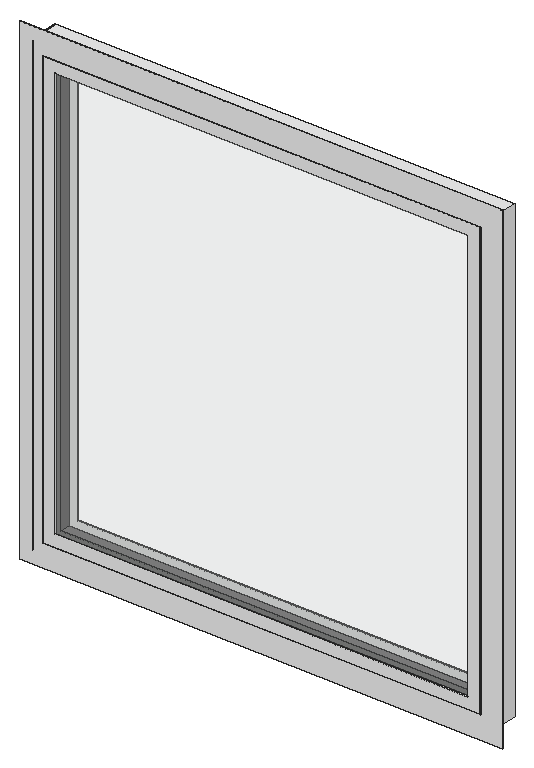
Revit family "Casement_30.5_F_Side_Hung_Custom", category Windows, host Wall, Revit 2014
Parameters (values of type "Casement_Sash_DG")
  Width Sash [instance] = 30 mm
  Width Sash Inner = 15 mm
  Width Bead = 15 mm
  Top Hung [instance] = yes
  Side Hung Right [instance] = yes
  Side Hung Left [instance] = yes
  Sash Opening Width [instance] = 600 mm
  Sash Opening Height [instance] = 600.312 mm
  Sash Lip = 15 mm
  Glazing Material [instance] = Glass
  DG Start Piece 2 [instance] = DG End Piece 1 + DG Gasket Thickness  # 25 mm
  DG Start Peice 1 [instance] = (Depth Sash - (2 * DG Glazing Thickness) - DG Gasket Thickness) / 2  # 6.6 mm
  Glazing Offset = 5 mm
  DG Glazing Thickness [instance] = 6.4 mm
  DG Gasket Thickness = 12 mm  # constant formula
  DG Gasket Material [instance] = Double Glazing Gasket Material
  DG End Piece 2 [instance] = DG Start Piece 2 + DG Glazing Thickness  # 31.4 mm
  DG End Piece 1 [instance] = DG Start Peice 1 + DG Glazing Thickness  # 13 mm
  Depth Sash [instance] = 38 mm
  Center Vertical Sash [instance] = Sash Opening Height / 2  # 300.156 mm
  Center Horizontal Sash [instance] = Sash Opening Width / 2  # 300 mm
  Bottom Hung [instance] = yes
  Bead Offset = 15 mm
  Aluminium Thickness = 1 mm
  Aluminium Material [instance] = White Powder Coated Aluminium
Reference planes
  plane 1 "Center (Front/Back)": y = 0
  plane 2: z = 0
  plane 3 "Center (Left/Right)": x = 0
Forms (mm)
  Sweep 1, solid, material "White Powder Coated Aluminium" <- "Aluminium Material"
    path origin (16.177, 0, 121.331) x (1, 0, 0) y (0, 0, 1)
      loop
        line (0, 0) -> (600, 0) -> (600, 600.312) -> (0, 600.312) -> (0, 0)
    profile origin (316.177, 0, 121.331) x (0, 0, 1) y (0, -1, 0)
      loop
        line (0, 0) -> (30, 0) -> (30, 1) -> (15, 1) -> (15, 38) -> (-15, 38) -> (-15, 37) -> (0, 37) -> (0, 0)
      loop
        line (14, 1) -> (14, 37) -> (1, 37) -> (1, 1) -> (14, 1)
  Sweep 2, solid, material "White Powder Coated Aluminium" <- "Aluminium Material"
    path origin (0, 0, 0) x (1, 0, 0) y (0, 0, 1)
      loop
        line (31.177, 706.643) -> (31.177, 136.331) -> (601.177, 136.331) -> (601.177, 706.643) -> (31.177, 706.643)
    profile origin (316.177, 0, 706.643) x (0, 0, 1) y (0, -1, 0)
      loop
        line (0, 37) -> (0, 38) -> (-15, 38) -> (-15, 37) -> (0, 37)
  Extrusion 3, solid, material "Glass" <- "Glazing Material"
    sketch origin (0, 0, 0) x (1, 0, 0) y (0, 0, 1)
      loop
        line (36.177, 701.643) -> (36.177, 141.331) -> (596.177, 141.331) -> (596.177, 701.643) -> (36.177, 701.643)
    from 6.6 <- "DG Start Peice 1" to 13 <- "DG End Piece 1"
  Extrusion 4, solid, material "Glass" <- "Glazing Material"
    sketch origin (0, 0, 0) x (1, 0, 0) y (0, 0, 1)
      loop
        line (36.177, 701.643) -> (36.177, 141.331) -> (596.177, 141.331) -> (596.177, 701.643) -> (36.177, 701.643)
    from 31.4 <- "DG End Piece 2" to 25 <- "DG Start Piece 2"
  Sweep 5, solid, material "Double Glazing Gasket Material" <- "DG Gasket Material"
    path origin (0, -13, 0) x (1, 0, 0) y (0, 0, 1)
      loop
        line (36.177, 701.643) -> (36.177, 141.331) -> (596.177, 141.331) -> (596.177, 701.643) -> (36.177, 701.643)
    profile origin (316.177, -13, 701.643) x (0, 0, 1) y (0, -1, 0)
      loop
        line (0, 0) -> (0, 12) -> (-7.96, 12) -> (-7.96, 0) -> (0, 0)
Lines and regions (mm)
  model lines
    curve 1: line (1.177, -38, 736.643) -> (31.177, -38, 706.643)
    curve 2: line (601.177, -38, 706.643) -> (631.177, -38, 736.643)
    curve 3: line (601.177, -38, 136.331) -> (631.177, -38, 106.331)
    curve 4: line (1.177, -38, 106.331) -> (31.177, -38, 136.331)
    curve 5: line (631.177, -37, 736.643) -> (616.177, -37, 721.643)
    curve 6: line (1.177, -37, 736.643) -> (16.177, -37, 721.643)
    curve 7: line (1.177, -37, 106.331) -> (16.177, -37, 121.331)
    curve 8: line (631.177, -37, 106.331) -> (616.177, -37, 121.331)
    curve 9: line (616.177, 0, 121.331) -> (586.177, 0, 151.331)
    curve 10: line (46.177, 0, 151.331) -> (16.177, 0, 121.331)
    curve 11: line (616.177, 0, 721.643) -> (586.177, 0, 691.643)
    curve 12: line (46.177, 0, 691.643) -> (16.177, 0, 721.643)
    curve 13: line (31.177, -38, 691.643) -> (46.177, -38, 691.643)
    curve 14: line (586.177, -38, 691.643) -> (601.177, -38, 691.643)
    curve 15: line (586.177, -38, 151.331) -> (601.177, -38, 151.331)
    curve 16: line (31.177, -38, 151.331) -> (46.177, -38, 151.331)
  model lines, style "GenericModelHiddenLines", visible <- "Top Hung"
    curve 17: line (46.386, -31.4, 690.914) -> (316.177, -31.4, 151.331)
    curve 18: line (316.177, -31.4, 151.331) -> (586.177, -31.4, 691.331)
  model lines, style "GenericModelHiddenLines", visible <- "Bottom Hung"
    curve 19: line (46.177, -31.4, 151.331) -> (316.177, -31.4, 691.331)
    curve 20: line (316.177, -31.4, 691.331) -> (586.177, -31.4, 151.331)
  model lines, style "GenericModelHiddenLines", visible <- "Side Hung Left"
    curve 21: line (46.386, -31.4, 690.914) -> (585.24, -31.4, 421.487)
    curve 22: line (585.24, -31.4, 421.487) -> (46.177, -31.4, 151.331)
  model lines, style "GenericModelHiddenLines", visible <- "Side Hung Right"
    curve 23: line (586.177, -31.4, 691.331) -> (46.177, -31.4, 421.487)
    curve 24: line (46.177, -31.4, 421.487) -> (586.177, -31.4, 151.331)
Dimensions and locks
  "Aluminium Thickness": Sweep 1 sketch curve to Sweep 1 sketch curve  (x4)
  "Depth Sash": Sweep 1 sketch curve to Sweep 1 sketch curve
  "Sash Opening Width": Sweep 1 to Sweep 1
  "Sash Opening Height": Sweep 1 to Sweep 1
  "Width Sash": Sweep 1 sketch curve to Sweep 1 sketch curve  (x2)
  "Width Sash Inner": Sweep 1 sketch curve to Sweep 1 sketch curve
  "Sash Lip": Sweep 1 sketch curve to Sweep 1 sketch curve
  "Aluminium Thickness": Sweep 1 to Sweep 2 sketch curve
  "Glazing Offset": Sweep 2 to Extrusion 3 sketch curve  (x3)
  "Glazing Offset": Extrusion 3 sketch curve to Sweep 2
  Sweep 1 to Sweep 1 = 1 mm
  "Aluminium Thickness": Sweep 2 sketch curve to Sweep 2 sketch curve
  "Width Bead": Sweep 2 sketch curve to Sweep 2 sketch curve
  locked: Sweep 5 sketch curve to Sweep 5 sketch curve at 7.96
  "Center Horizontal Sash": Sweep 1 to curve 18
  "Center Horizontal Sash": Sweep 1 to curve 20
  "Center Vertical Sash": Sweep 1 to curve 22
  "Center Vertical Sash": Sweep 1 to curve 24
  aligned and locked: level to plane 2
  aligned and locked: Sweep 1 sketch curve to Sweep 1 sketch curve  (x2)
  aligned and locked: Sweep 2 sketch curve to Sweep 1  (x5)
  aligned and locked: Extrusion 4 sketch curve to Extrusion 3  (x4)
  aligned and locked: Sweep 5 sketch curve to Extrusion 3  (x5)
  aligned and locked: Extrusion 3 to Sweep 5 sketch curve
Automatic sketch dimensions
  plane 3 "Center (Left/Right)" to Sweep 1 sketch curve = 16.177 mm
  level to Sweep 1 sketch curve = 121.331 mm
  plane 3 "Center (Left/Right)" to Sweep 1 sketch curve = 616.177 mm
  level to Sweep 1 sketch curve = 721.643 mm
  profile plane to Sweep 5 sketch curve = 12 mm
  curve 7 to Sweep 1 = 0 mm  (x4)
  curve 6 to Sweep 1 = 0 mm  (x3)
  Sweep 1 to curve 6 = 0 mm
  curve 5 to Sweep 1 = 0 mm  (x3)
  curve 8 to Sweep 1 = 0 mm  (x4)
  Sweep 1 to curve 5 = 0 mm
  curve 16 to Sweep 2 = 0 mm  (x3)
  curve 13 to Sweep 2 = 0 mm  (x3)
  curve 15 to Sweep 2 = 0 mm
  Sweep 2 to curve 15 = 0 mm  (x2)
  curve 14 to Sweep 2 = 0 mm  (x2)
  Sweep 2 to curve 14 = 0 mm
  curve 1 to Sweep 1 = 0 mm  (x4)
  curve 4 to Sweep 1 = 0 mm  (x3)
  Sweep 1 to curve 4 = 0 mm
  curve 3 to Sweep 1 = 0 mm  (x3)
  curve 2 to Sweep 1 = 0 mm  (x4)
  Sweep 1 to curve 3 = 0 mm
  curve 10 to Sweep 1 = 0 mm  (x4)
  curve 12 to Sweep 1 = 0 mm  (x3)
  Sweep 1 to curve 12 = 0 mm
  curve 9 to Sweep 1 = 0 mm  (x4)
  curve 11 to Sweep 1 = 0 mm  (x3)
  Sweep 1 to curve 11 = 0 mm
  Sweep 1 sketch curve to plane 1 "Center (Front/Back)" = 0 mm
  profile plane to Sweep 1 sketch curve = 0 mm
  curve 21 to Extrusion 4 = 10.208 mm
  curve 19 to Extrusion 4 = 10 mm
  curve 23 to Extrusion 4 = 10 mm  (x2)
  curve 22 to Extrusion 4 = 10.937 mm
  curve 20 to Extrusion 4 = 10 mm
  curve 24 to Extrusion 4 = 10 mm
  curve 22 to Extrusion 4 = 10 mm
  curve 18 to Extrusion 4 = 10 mm
  curve 21 to Extrusion 4 = 10.729 mm
  curve 19 to Extrusion 4 = 10.312 mm
  curve 18 to Extrusion 4 = 10.312 mm
